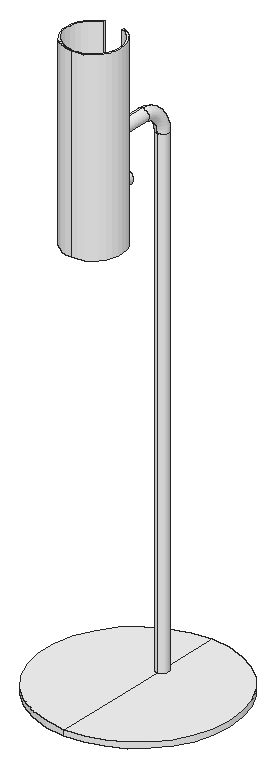
Revit family "Lighting_Desk&Table_Nordlux_MIB-6", category Lighting Fixtures, Revit 2017
Family settings
  Round Connector Dimension = Use Diameter
  Part Type = Normal
  OmniClass Number = 23.80.70.00
  OmniClass Title = Lighting
  Work Plane-Based = No
  Always vertical = Yes
  Cut with Voids When Loaded = No
  Light Source = Yes
  Shared = No
  Room Calculation Point = No
Parameters (values of type "MIB 6 Table - White")
  Wattage = 2.28892 W
  WarrantyStartDate [instance] = "n/a"
  WarrantyGuarantorParts = "n/a"
  WarrantyGuarantorLabor = "n/a"
  WarrantyDurationUnit = "Year"
  WarrantyDurationParts = "n/a"
  WarrantyDurationLabor = "n/a"
  WarrantyDescription = "n/a"
  built-in parameter 1150110 = 1 (stored number, unit not read)
  VersionDate = "01/07/2020"  # constant formula
  Version = "1"  # constant formula
  UsageCurrent = 0 A
  Uniclass2015Reference = "Pr_70_70_48_32"
  Uniclass2015Description = "Free standing luminaires"
  Uniclass2 = "Pr_70_70_49"
  URL = "https://www.nordlux.com/products/product/71655001"
  TotalWattage = 8 W
  built-in parameter 1114217 = 1 (stored number, unit not read)
  Tilt Angle = 90.00°
  built-in parameter 1150109 = 1 (stored number, unit not read)
  built-in parameter 1150134 = (empty or 0)
  TagNumber [instance] = "n/a"
  SustainabilityPerformance = "n/a"
  built-in parameter 1150113 = 1 (stored number, unit not read)
  Size = "200x200x660 mm"
  Shape = "Sculptured"
  SerialNumber [instance] = "n/a"
  Revision = "1"  # constant formula
  ReplacementCost = "n/a"
  ProductInformation = "The MIB collection is based on classical virtues of design, with an emphasis on simplicity. The adjustable lamp head provides a sleek and Nordic design look. MIB is available in several variations, and as a collection offers a great variety of applications. An indestructible lighting collection that spreads light and joy in any modern home. Design by Bønnelycke MDD. The minimalist MIB series is steeped in Nordic elegance and boasts excellent usability. MIB 6 invites you to put the spotlight on life. The narrow lamp head emits a precise and narrow directional light."
  Product data url = "https://www.bimobject.com/nordlux/product/mib_6_gu10_table"
  Photometric Web File = "7165 Mib 6 Bord.ies"
  PhaseReference = "n/a"
  PhaseAngle = 0.00°
  NumberOfSources = 0
  NumberOfPoles = 1
  NominalVoltageCalc = 230 V
  NominalVoltage = 230 V
  NominalRadius = 100 mm
  NominalLength = 200 mm
  NominalHeight = 660 mm
  NominalFrequencyRange = 50 Hz
  NominalDiameter = 200 mm
  NominalDepth = 200 mm
  NominalCurrent = 0 A
  Name = "Nordlux_MIB-6"
  NBSReference = "90-60-50/405"
  NBSDescription = "General purpose luminaires"
  ModelReference = "n/a"
  ModelNumber = "71655001"
  Model = "MIB 6 Table - White"
  Material = "Metal"
  ManufacturersSpecificInformation = "n/a"
  ManufacturerURL = "https://www.nordlux.com/"
  ManufacturerName = "Nordlux"
  Manufacturer = "Nordlux"
  MaintenanceFactor = 0
  Lumens = 340 lm
  built-in parameter 1150115 = 1 (stored number, unit not read)
  built-in parameter 1150105 = 259.89 (stored number, unit not read)
  LightFixturePlacingType = "Surface"
  LightFixtureMountingType = "Free-standing"
  LightFixtureMainMaterial = White
  built-in parameter 1150137 = (empty or 0)
  built-in parameter 1150139 = (empty or 0)
  LensMaterial = Glass
  built-in parameter 1150112 = 1 (stored number, unit not read)
  built-in parameter 1150114 = 1 (stored number, unit not read)
  InsulationStandardClass = "Class 2 (Double isolated)"
  InstallationDate [instance] = "n/a"
  built-in parameter 1150132 = 2
  built-in parameter 1150102 = (empty or 0)
  built-in parameter 1150138 = (empty or 0)
  built-in parameter 1150107 = 3000 (stored number, unit not read)
  built-in parameter 1150106 = 2.5989 (stored number, unit not read)
  IfcExportType = "NOTDEFINED"  # constant formula
  IfcExportAs = "IfcLightFixtureType"  # constant formula
  IP_Code = "IP20"
  HasProtectiveEarth = no
  Grade = "n/a"
  Finish = "n/a"
  Features = "White textile cable, 250 cm length, cannot be replaced"
  ExpectedLife = "n/a"
  Emit from Circle Diameter = 609.6 mm
  Emit Shape Visible in Rendering = no
  ElectricalDeviceNominalPower = 8
  built-in parameter 1150104 = 13.8 (stored number, unit not read)
  EAN Number = "5701581364080"
  DurationUnit = "Hour"
  Dimming Lamp Color Temperature Shift = <None>
  Designer = "Bønnelycke MDD"
  Description = "The MIB collection is based on classical virtues of design, with an emphasis on simplicity. The adjustable lamp head provides a sleek and Nordic design look. MIB is available in several variations, and as a collection offers a great variety of applications. An indestructible lighting collection that spreads light and joy in any modern home. Design by Bønnelycke MDD. The minimalist MIB series is steeped in Nordic elegance and boasts excellent usability. MIB 6 invites you to put the spotlight on life. The narrow lamp head emits a precise and narrow directional light."
  DefaultElevation = 0 mm
  ConvergoRefNr = "0143-1909-0026-DK"
  Constituents = "n/a"
  Color Filter = 16777215
  Color = "White"
  CodePerformance = "n/a"
  Category = "Table lighting"
  Brand = "Nordlux"
  Barcode [instance] = "n/a"
  built-in parameter 1114218 = 1 (stored number, unit not read)
  BIMObjectName = "Lighting_Desk&Table_Nordlux_MIB-6"
  Author = "Convergo AB"  # constant formula
  built-in parameter 1150133 = 10 (stored number, unit not read)
  AssetType = "Fixed"
  AssetIdentifier [instance] = "n/a"
  ArticleNumber = "71655001"
  AccessibilityPerformance = "n/a"
Types (3, lengths in mm): name | URL | ModelNumber | Model | LightFixtureMainMaterial | Features | EAN Number | Color | ArticleNumber
  (no name) | "https://www.nordlux.com/products/product/71655001" | "71655001" | "MIB 6 Table - White" | White | "White textile cable, 250 cm length, cannot be replaced" | "5701581364080" | "White" | "71655001"
  MIB 6 Table - Black | "https://www.nordlux.com/products/product/71655003" | "71655003" | "MIB 6 Table - Black" | Black | "Black textile cable, 250 cm length, cannot be replaced" | "5701581364189" | "Black" | "71655003"
  MIB 6 Table - White | "https://www.nordlux.com/products/product/71655001" | "71655001" | "MIB 6 Table - White" | White | "White textile cable, 250 cm length, cannot be replaced" | "5701581364080" | "White" | "71655001"
Reference planes
  plane 1 "Light Source Axis (F/B)": y = 0
  plane 2: z = 0
  plane 3 "Light Source Axis (L/R)": x = 0
  plane 4 "Light Source Elevation": z = 490
  plane 5: z = 660
  plane 6: x = 100
  plane 7: x = -100
  plane 8: y = 100
  plane 9: y = -100
Dimensions and locks
  "NominalHeight": plane 5 to plane 2
  equal spacing: plane 7, plane 3 "Light Source Axis (L/R)", plane 6
  "NominalLength": plane 7 to plane 6
  equal spacing: plane 9, plane 1 "Light Source Axis (F/B)", plane 8
  "NominalDepth": plane 9 to plane 8
  aligned and locked: plane 3 "Light Source Axis (L/R)" to imposter light
  aligned and locked: plane 4 "Light Source Elevation" to imposter light
  aligned and locked: level to plane 2
Nested families
  nested 1: "MIB 6" at (0, 0, 0), BodyMaterial <- "LightFixtureMainMaterial", type "MIB 6"
    with BodyMaterial White
Connectors
  electrical at (0, 0, 0), driven by "NominalVoltage"
    settings: on nested 1, index 1, voltage 230 V, apparent load 0 VA, apparent load phase1 0 VA, apparent load phase2 0 VA, apparent load phase3 0 VA, power factor 1, load classification "Other", number of poles 1, system type 31, power factor state 1, is connector primary yes, connector utility no, sub classification motor no, connector description ""
Definition of nested family "MIB 6"
  Parameters (values of type "MIB 6")
    BodyMaterial [instance] = none
  Reference planes
    plane 1 "Center (Front/Back)": y = 0
    plane 2: z = 0
    plane 3 "Center (Left/Right)": x = 0
    plane 4: z = 660
    plane 5: x = 100
    plane 6: x = -100
    plane 7: y = -100
    plane 8: y = 100
  Forms (mm)
    Revolve 1, solid, material <- "BodyMaterial", detail levels medium+fine
      sketch origin (0, 0, 0) x (0, 1, 0) y (0, 0, 1)
        loop
          line (100, 6) -> (0, 6) -> (0, 0) -> (100, 0) -> (100, 6)
        axis (0, 6) -> (0, 0)
      angle from 0 to 360
    Sweep 2, solid, material <- "BodyMaterial", detail levels medium+fine
      path origin (0, 0, 0) x (0, 1, 0) y (0, 0, 1)
        loop
          line (-65.434, 556.002) -> (6.459, 556.002)
          arc (6.459, 556.002) -> (25.198, 548.24) -> (32.959, 529.502) r 26.5
          line (32.959, 529.502) -> (32.959, 6)
      profile origin (0, 32.959, 267.751) x (1, 0, 0) y (0, 1, 0)
        loop
          circle (0, 0) r 6.5
    Extrusion 3, solid, material <- "BodyMaterial", detail levels medium+fine
      sketch origin (0, 0, 0) x (1, 0, 0) y (0, 1, 0)
        loop
          arc (-6.548, -30.842) -> (-29.811, -63.386) -> (0, -90.061) r 29.969
          arc (0, -90.061) -> (29.811, -63.386) -> (6.548, -30.842) r 29.969
          arc (6.548, -30.842) -> (0, -30.121) -> (-6.548, -30.842) r 30.077
        loop
          arc (-6.548, -32.689) -> (-27.999, -63.388) -> (0, -88.261) r 28.169
          arc (0, -88.261) -> (27.999, -63.388) -> (6.548, -32.689) r 28.169
          arc (6.548, -32.689) -> (0, -31.921) -> (-6.548, -32.689) r 28.271
      from 460.309 to 660.309
    Extrusion 4, void
      sketch origin (0, 0, 0) x (1, 0, 0) y (0, 0, 1)
        loop
          line (-10, 675) -> (-10, 558.33)
          arc (-10, 558.33) -> (0, 548.33) -> (10, 558.33) r 10
          line (10, 558.33) -> (10, 675) -> (-10, 675)
      from 0 to 62.369
    Revolve 5, solid, material <- "BodyMaterial", detail levels medium+fine
      sketch origin (0, 0, 0) x (0, 1, 0) y (0, 0, 1)
        loop
          line (-14.614, 504.915) -> (-14.614, 511.414) -> (-31.61, 511.414) -> (-31.61, 504.915) -> (-14.614, 504.915)
        axis (-14.614, 504.915) -> (-31.61, 504.915)
      angle from 0 to 360
    Revolve 6, solid, detail levels medium+fine
      sketch origin (0, 0, 0) x (0, 1, 0) y (0, 0, 1)
        loop
          line (-60.127, 470.113) -> (-31.883, 470.113) -> (-31.883, 472.613) -> (-60.127, 472.613) -> (-60.127, 470.113)
        axis (-60.127, 472.613) -> (-60.127, 470.113)
      angle from 0 to 360
    Extrusion 7, solid, material <- "BodyMaterial", detail levels coarse
      sketch origin (0, 0, 0) x (1, 0, 0) y (0, 1, 0)
        loop
          line (-100, 100) -> (-100, -100) -> (100, -100) -> (100, 100) -> (-100, 100)
      from 0 to 660
  Cuts and joins
    Extrusion 4 cuts Extrusion 3
    joined: Extrusion 3, Revolve 5
  Lines and regions (mm)
    symbolic lines
      curve 1: line (0, -90.123, 460.309) -> (0, -35.269, 460.309)
    symbolic lines, detail levels medium+fine
      curve 2: line (-30.002, 0, 460.309) -> (-6.52, 0, 460.309)
      curve 4: line (-100, 0, 0) -> (0, 0, 0)
      curve 5: line (-100, 0, 6) -> (-100, 0, 0)
      curve 6: line (-30.002, 0, 460.309) -> (-30.002, 0, 660)
      curve 7: line (-30.002, 0, 660) -> (0, 0, 660)
      curve 8: line (-6.52, 0, 460.309) -> (-6.52, 0, 6)
      curve 10: line (-6.52, 0, 6) -> (-100, 0, 6)
      curve 11: line (30.002, 0, 460.309) -> (6.52, 0, 460.309)
      curve 13: line (100, 0, 0) -> (0, 0, 0)
      curve 14: line (100, 0, 6) -> (100, 0, 0)
      curve 15: line (30.002, 0, 460.309) -> (30.002, 0, 660)
      curve 16: line (30.002, 0, 660) -> (0, 0, 660)
      curve 17: line (6.52, 0, 460.309) -> (6.52, 0, 6)
      curve 19: line (6.52, 0, 6) -> (100, 0, 6)
      curve 20: line (0, -90.123, 460.309) -> (0, -30.125, 460.309)
      curve 21: line (0, -31.94, 660) -> (0, -90.123, 660)
      curve 22: line (0, -30.125, 460.309) -> (0, -30.125, 498.415)
      curve 23: line (0, -31.94, 660) -> (0, -31.94, 562.502)
      curve 24: line (0, -90.123, 460.309) -> (0, -90.123, 660)
      curve 26: line (0, -14.614, 498.415) -> (0, -14.614, 511.414)
      curve 28: line (0, -14.614, 511.414) -> (0, -30.125, 511.414)
      curve 29: line (0, -14.614, 498.415) -> (0, -30.125, 498.415)
      curve 31: line (0, -30.125, 548.208) -> (0, -30.125, 511.414)
      curve 32: line (0, 100, 6) -> (0, 39.459, 6)
      curve 33: line (0, 100, 0) -> (0, 100, 6)
      curve 34: line (0, -100, 0) -> (0, 100, 0)
      curve 35: line (0, -100, 6) -> (0, -100, 0)
      curve 36: line (0, 26.459, 6) -> (0, 26.459, 529.502)
      curve 37: line (0, 6.459, 549.502) -> (0, -30.571, 549.502)
      curve 38: arc (0, 26.459, 529.502) -> (0, 20.601, 543.644) -> (0, 6.459, 549.502) r 20
      curve 39: line (0, 39.459, 6) -> (0, 39.459, 21.82)
      curve 40: arc (0, 39.459, 529.502) -> (0, 29.794, 552.836) -> (0, 6.459, 562.502) r 33
      curve 41: line (0, 6.459, 562.502) -> (0, -31.94, 562.502)
      curve 42: line (0, 37.66, 26.001) -> (0, 37.66, 58.001)
      curve 43: arc (0, 37.66, 58.001) -> (0, 38.129, 60.276) -> (0, 39.459, 62.181) r 5.755
      curve 44: arc (0, 37.66, 26.001) -> (0, 38.129, 23.725) -> (0, 39.459, 21.82) r 5.755
      curve 45: line (0, 39.459, 62.181) -> (0, 39.459, 529.502)
      curve 47: line (0, 26.459, 6) -> (0, -100, 6)
      curve 49: arc (0, -30.571, 549.502) -> (0, -30.356, 548.852) -> (0, -30.125, 548.208) r 29.027
      curve 50: circle (0, 0, 0) r 100 normal (0, 0, 1)
    symbolic lines, detail levels fine
      curve 3: line (0, 0, 6) -> (-6.52, 0, 6)
      curve 9: line (-6.52, 0, 460.309) -> (0, 0, 460.309)
      curve 12: line (0, 0, 6) -> (6.52, 0, 6)
      curve 18: line (6.52, 0, 460.309) -> (0, 0, 460.309)
      curve 25: arc (0, -31.94, 558.309) -> (0, -31.595, 553.853) -> (0, -30.571, 549.502) r 29.027
      curve 27: line (0, -24.614, 511.414) -> (0, -24.614, 498.415)
      curve 30: arc (0, -30.125, 511.414) -> (0, -30.858, 504.915) -> (0, -30.125, 498.415) r 29.202
      curve 46: line (0, 39.459, 6) -> (0, 26.459, 6)
      curve 48: line (0, -31.94, 562.502) -> (0, -31.94, 558.309)
      curve 51: line (-6.548, -65.434, 0) -> (-6.548, 33.043, 0)
      curve 52: line (-6.548, -65.434, 0) -> (0, -65.434, 0)
      curve 53: arc (-6.548, -30.842, 0) -> (-29.811, -63.386, 0) -> (0, -90.061, 0) r 29.969
      curve 54: arc (-6.548, 33.043, 0) -> (-4.627, 37.655, 0) -> (0, 39.54, 0) r 6.497
      curve 55: line (6.548, -65.434, 0) -> (6.548, 33.043, 0)
      curve 56: line (6.548, -65.434, 0) -> (0, -65.434, 0)
      curve 57: arc (6.548, -30.842, 0) -> (29.811, -63.386, 0) -> (0, -90.061, 0) r 29.969
      curve 58: arc (6.548, 33.043, 0) -> (4.627, 37.655, 0) -> (0, 39.54, 0) r 6.497
      curve 59: arc (-6.548, -32.689, 0) -> (-27.999, -63.388, 0) -> (0, -88.261, 0) r 28.169
      curve 60: arc (6.548, -32.689, 0) -> (27.999, -63.388, 0) -> (0, -88.261, 0) r 28.169
  Dimensions and locks
    aligned and locked: level to plane 2
